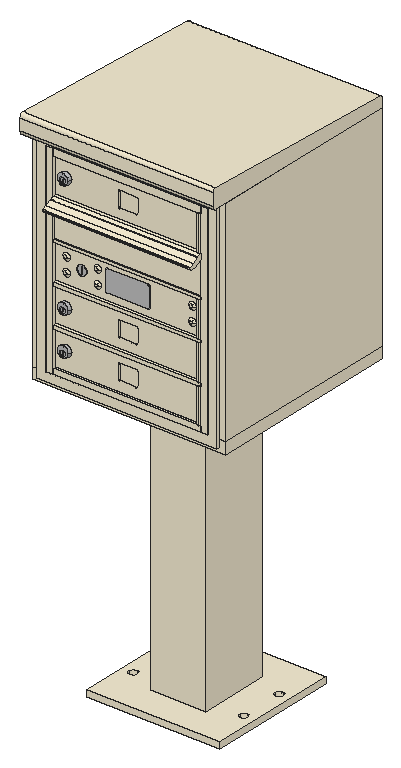
Revit family "Mailboxes_4C-Salsbury_Industries-Pedestal_Mounted-5_Door_High_Units", category Specialty Equipment, Revit 2016
Family settings
  Part Type = Normal
  Round Connector Dimension = Use Diameter
  OmniClass Number = 23.40.90.14.11
  OmniClass Title = Mail Boxes
  Work Plane-Based = No
  Always vertical = Yes
  Cut with Voids When Loaded = No
  Shared = No
  Room Calculation Point = No
Parameters (values of type "3405S-03")
  Width = 17.496"
  Visible Door Number [instance] = yes
  Version = "1.0 (06/30/17)"
  URL = "www.mailboxes.com"
  Type Comments = "Pedestal Mounted 4C Horizontal Mailboxes - Front Loading"
  OmniClass 23 Title = "Mail Boxes"
  OmniClass 23 Number = "23.40.90.14.11"
  Model = "3405S-03"
  MasterFormat Title = "Postal Specialties"
  MasterFormat Number = "10 55 00"
  Manufacturer = "Salsbury Industries"
  Lock Material = Stainless Steel - Salsbury Finish -  Polished
  Height = 48.125"
  Front Panel Material [instance] = Paint - Salsbury Finish - Sandstone
  Pedestal Height = 26.000"
  Door Slot R5 Number [instance] = "3"
  Door Slot R4 Number [instance] = "2"
  Door Slot R3 Number [instance] = "0"
  Door Slot R2 Number [instance] = "0"
  Door Slot R1 Number [instance] = "1"
  Door Slot L5 Number [instance] = "0"
  Door Slot L4 Number [instance] = "0"
  Door Slot L3 Number [instance] = "0"
  Door Slot L2 Number [instance] = "0"
  Door Slot L1 Number [instance] = "0"
  Description = "5 Door High Unit:  3 MB1, OM2"
  Depth = 19.000"
  Assembly Description = "Mailboxes"
  Assembly Code = "C1030910"
  4C Unit Height = 20.000"
  4C Unit Elevation = 26.375"
  4C Unit = Mailboxes_4C-Salsbury_Industries-Front_Load-5_Door_High_Units : 3705S-03 FL
Reference planes (in)
  plane 1 "Center (Front/Back)": y = 0
  plane 2 "Bottom of Unit": z = 0
  plane 3 "Center (Left/Right)": x = 0
  plane 4 "Left Side of Unit": x = 8.748
  plane 5 "Right Side of Unit": x = -8.748
  plane 6 "Front of Unit": y = -9.5
  plane 7 "Back of Unit": y = 9.5
  plane 8: z = 24.0625
  plane 9 "Top of Unit": z = 48.125
  plane 10 "Top Trim Line of Enclosure": z = 46.375
  plane 11 "Left Trim Line of Enclosure": x = 7.6855
  plane 12 "Right Trim Line of Enclosure": x = -7.685
  plane 13 "Top Back Line of Unit": z = 47.375
  plane 14 "Top of Pedestal, Bottom of Enclosure": z = 26
  plane 15 "Alignment of 4C Unit": y = -8.125
  plane 16: x = -8.667
  plane 17: x = 8.667
  plane 18: y = 9.419
  plane 19: y = -8.044
  plane 20: x = -8.667
  plane 21: x = 8.667
  plane 22: y = -8.044
  plane 23: y = 9.419
  plane 24: x = -8.667
  plane 25: x = 8.667
  plane 26: y = 9.419
  plane 27: y = -8.044
  plane 28 "Bottom Trim Line of 4C Unit": z = 26.375
  plane 29 "4C Unit Side Alignment": x = -8.17183
  plane 30 "Top Pedestal Base-Bottom Side": z = 25.5
  plane 31 "Bottom Line of Enclosure Opening": z = 27
  plane 32: z = 26.081
  plane 33 "Bottom Pedestal Base-Top Side": z = 0.5
  plane 34 "Pedestal Support - Left Side": x = -2.50001
  plane 35 "Pedestal Support - Right Side": x = 2.50001
  plane 36 "Back of Pedestal Base": y = 6.625
  plane 37 "Front of Pedestal Base": y = -5.375
  plane 38 "Pedestal Support - Back": y = 3.812
  plane 39 "Pedestal Support - Front": y = -2.563
  plane 40 "Left Side of Pedestal Base": x = -6
  plane 41 "Right Side of Pedestal Base": x = 6
  plane 42: y = 2.625
  plane 43: y = -1.375
  plane 44: x = -5
  plane 45: x = 5
Forms (in)
  Extrusion 1, solid, material "Paint - Salsbury Finish - Sandstone" <- "Front Panel Material"
    sketch origin (0, 0, 1.5) x (0, 1, 0) y (-1, 0, 0)
      loop
        line (-8.125, 7.685) -> (-8.044, 7.685) -> (-8.044, 8.667) -> (9.419, 8.667) -> (9.419, -8.667) -> (-8.044, -8.667) -> (-8.044, -7.6855) -> (-8.125, -7.6855) -> (-8.125, -8.748) -> (9.5, -8.748) -> (9.5, 8.748) -> (-8.125, 8.748) -> (-8.125, 7.685)
    from 25.5 to 44.875
  Extrusion 2, solid, material "Paint - Salsbury Finish - Sandstone" <- "Front Panel Material"
    sketch origin (0, 0, 26) x (0, 1, 0) y (-1, 0, 0)
      loop
        line (9.5, 8.748) -> (-8.125, 8.748) -> (-8.125, -8.748) -> (9.5, -8.748) -> (9.5, 8.748)
      loop
        line (9.419, 8.667) -> (-8.044, 8.667) -> (-8.044, -8.667) -> (9.419, -8.667) -> (9.419, 8.667)
    from 0 to 1
  Extrusion 3, solid, material "Paint - Salsbury Finish - Sandstone" <- "Front Panel Material"
    sketch origin (0, 0, 26) x (0, 1, 0) y (-1, 0, 0)
      loop
        line (9.419, 8.667) -> (-8.044, 8.667) -> (-8.044, -8.667) -> (9.419, -8.667) -> (9.419, 8.667)
    from 0 to 0.081
  Extrusion 4, solid, material "Paint - Salsbury Finish - Sandstone" <- "Front Panel Material"
    sketch origin (0, 0, 0) x (0, 1, 0) y (0, 0, 1)
      loop
        line (-9.18965, 46.375) -> (9.5, 46.375) -> (9.5, 47.26571)
        arc (9.5, 47.26571) -> (9.47754, 47.33373) -> (9.419, 47.375) r 0.11423
        line (9.419, 47.375) -> (-9.184, 48.125)
        arc (-9.184, 48.125) -> (-9.40731, 48.03386) -> (-9.5, 47.81119) r 0.31382
        line (-9.5, 47.81119) -> (-9.5, 46.68535)
        arc (-9.5, 46.68535) -> (-9.4091, 46.4659) -> (-9.18965, 46.375) r 0.31035
    from -8.748 to 8.748
  Extrusion 5, solid, material "Paint - Salsbury Finish - Sandstone" <- "Front Panel Material"
    sketch origin (0, 0, 0) x (1, 0, 0) y (0, 1, 0)
      loop
        line (-6, 6.625) -> (-6, -5.375) -> (6, -5.375) -> (6, 6.625) -> (-6, 6.625)
    from 0 to 0.5
  Extrusion 6, solid, material "Paint - Salsbury Finish - Sandstone" <- "Front Panel Material"
    sketch origin (0, 0, 25.5) x (0, -1, 0) y (1, 0, 0)
      loop
        line (-6.625, -6) -> (5.375, -6) -> (5.375, 6) -> (-6.625, 6) -> (-6.625, -6)
    from 0 to 0.5
  Extrusion 7, solid, material "Paint - Salsbury Finish - Sandstone" <- "Front Panel Material"
    sketch origin (0, 0, 0.5) x (0, -1, 0) y (1, 0, 0)
      loop
        line (-3.812, -2.50001) -> (2.563, -2.50001) -> (2.563, 2.50001) -> (-3.812, 2.50001) -> (-3.812, -2.50001)
    from 0 to 25
  Extrusion 8, void
    sketch origin (0, 0, 0) x (1, 0, 0) y (0, 1, 0)
      loop
        circle (-5, 2.625) r 0.375
      loop
        circle (-5, -1.375) r 0.375
      loop
        circle (5, 2.625) r 0.375
      loop
        circle (5, -1.375) r 0.375
    from 0 to 0.5
  Extrusion 9, void
    sketch origin (0, 0, 25.5) x (0, -1, 0) y (1, 0, 0)
      loop
        circle (-2.625, -5) r 0.375
      loop
        circle (1.375, -5) r 0.375
      loop
        circle (-2.625, 5) r 0.375
      loop
        circle (1.375, 5) r 0.375
    from 0 to 0.5
Cuts and joins
  Extrusion 8 cuts Extrusion 5
  Extrusion 9 cuts Extrusion 3
  Extrusion 9 cuts Extrusion 6
Lines and regions (in)
  symbolic lines
    curve 1: line (-8.748, 9.5, 0) -> (8.748, 9.5, 0)
    curve 2: line (-8.748, -8.125, 0) -> (-8.748, 9.5, 0)
    curve 3: line (8.748, -8.125, 0) -> (-8.748, -8.125, 0)
    curve 4: line (8.748, 9.5, 0) -> (8.748, -8.125, 0)
    curve 5: line (-8.748, 0, 48.125) -> (8.748, 0, 48.125)
    curve 6: line (-8.748, 0, 26) -> (-8.748, 0, 48.125)
    curve 7: line (8.748, 0, 26) -> (-8.748, 0, 26)
    curve 8: line (8.748, 0, 48.125) -> (8.748, 0, 26)
    curve 9: line (-8.748, 0, 46.375) -> (8.748, 0, 46.375)
    curve 10: line (-7.685, 0, 27) -> (-7.685, 0, 46.375)
    curve 11: line (7.6855, 0, 27) -> (7.6855, 0, 46.375)
    curve 12: line (0, -8.125, 46.37573) -> (0, 9.5, 46.37573)
    curve 13: line (0, -8.125, 26) -> (0, -8.125, 46.37573)
    curve 14: line (0, 6.625, 0) -> (0, -5.375, 0)
    curve 15: line (0, 9.5, 46.37573) -> (0, 9.5, 26)
    curve 16: line (0, -8.125, 27) -> (0, 9.5, 27)
    curve 17: line (0, 9.5, 47.26571) -> (0, 9.5, 46.37573)
    curve 18: line (0, 9.5, 46.37573) -> (0, -9.19074, 46.37573)
    curve 19: line (0, -9.5, 46.68499) -> (0, -9.5, 47.81031)
    curve 20: arc (0, -9.19074, 46.37573) -> (0, -9.40942, 46.46631) -> (0, -9.5, 46.68499) r 0.30926
    curve 21: arc (0, -9.5, 47.81031) -> (0, -9.40736, 48.03396) -> (0, -9.18371, 48.1266) r 0.31629
    curve 22: arc (0, 9.5, 47.26571) -> (0, 9.47754, 47.33373) -> (0, 9.419, 47.375) r 0.11423
    curve 23: line (0, 9.419, 47.375) -> (0, -9.18371, 48.1266)
    curve 24: line (-8.748, 0, 27) -> (8.748, 0, 27)
    curve 25: line (-6, 0, 26) -> (-6, 0, 25.5)
    curve 26: line (-6, 0, 25.5) -> (6, 0, 25.5)
    curve 27: line (6, 0, 25.5) -> (6, 0, 26)
    curve 28: line (-6, 0, 0.5) -> (6, 0, 0.5)
    curve 29: line (-6, 0, 0) -> (-6, 0, 0.5)
    curve 30: line (6, 0, 0) -> (-6, 0, 0)
    curve 31: line (6, 0, 0.5) -> (6, 0, 0)
    curve 32: line (-2.50001, 0, 0.5) -> (-2.50001, 0, 25.5)
    curve 33: line (2.50001, 0, 0.5) -> (2.50001, 0, 25.5)
    curve 34: line (0, -8.125, 26) -> (0, 9.5, 26)
    curve 35: line (0, -5.375, 26) -> (0, -5.375, 25.5)
    curve 36: line (0, -5.375, 25.5) -> (0, 6.625, 25.5)
    curve 37: line (0, 6.625, 25.5) -> (0, 6.625, 26)
    curve 38: line (0, 6.625, 0) -> (0, 6.625, 0.5)
    curve 39: line (0, 6.625, 0.5) -> (0, -5.375, 0.5)
    curve 40: line (0, -5.375, 0.5) -> (0, -5.375, 0)
    curve 41: line (0, -2.563, 0.5) -> (0, -2.563, 25.5)
    curve 42: line (0, 3.812, 0.5) -> (0, 3.812, 25.5)
Dimensions and locks (in)
  equal spacing: plane 6 "Front of Unit", plane 1 "Center (Front/Back)", plane 7 "Back of Unit"
  "Depth": plane 6 "Front of Unit" to plane 7 "Back of Unit"
  equal spacing: plane 5 "Right Side of Unit", plane 3 "Center (Left/Right)", plane 4 "Left Side of Unit"
  "Width": plane 5 "Right Side of Unit" to plane 4 "Left Side of Unit"
  equal spacing: plane 2 "Bottom of Unit", plane 8, plane 9 "Top of Unit"
  plane 2 "Bottom of Unit" to plane 9 "Top of Unit" = 48.125"
  "Pedestal Height": plane 2 "Bottom of Unit" to plane 14 "Top of Pedestal, Bottom of Enclosure"
  locked: plane 5 "Right Side of Unit" to plane 12 "Right Trim Line of Enclosure" at 1.063
  locked: plane 11 "Left Trim Line of Enclosure" to plane 4 "Left Side of Unit" at 1.0625
  plane 10 "Top Trim Line of Enclosure" to plane 13 "Top Back Line of Unit" to plane 9 "Top of Unit" = 1.000", 0.750"
  plane 6 "Front of Unit" to plane 15 "Alignment of 4C Unit" = 1.375"
  plane 10 "Top Trim Line of Enclosure" to plane 9 "Top of Unit" = 1.750"
  plane 5 "Right Side of Unit" to plane 16 = 0.081"
  plane 18 to plane 7 "Back of Unit" = 0.081"
  plane 17 to plane 4 "Left Side of Unit" = 0.081"
  plane 15 "Alignment of 4C Unit" to plane 19 = 0.081"
  plane 23 to plane 7 "Back of Unit" = 0.081"
  plane 5 "Right Side of Unit" to plane 20 = 0.081"
  plane 21 to plane 4 "Left Side of Unit" = 0.081"
  plane 15 "Alignment of 4C Unit" to plane 22 = 0.081"
  plane 15 "Alignment of 4C Unit" to plane 27 = 0.081"
  plane 25 to plane 4 "Left Side of Unit" = 0.081"
  plane 5 "Right Side of Unit" to plane 24 = 0.081"
  plane 26 to plane 7 "Back of Unit" = 0.081"
  plane 29 "4C Unit Side Alignment" to plane 12 "Right Trim Line of Enclosure" = 0.48683"
  "Height": plane 9 "Top of Unit" to plane 2 "Bottom of Unit"
  "4C Unit Height": plane 10 "Top Trim Line of Enclosure" to plane 28 "Bottom Trim Line of 4C Unit"
  plane 31 "Bottom Line of Enclosure Opening" to plane 14 "Top of Pedestal, Bottom of Enclosure" to plane 30 "Top Pedestal Base-Bottom Side" = 1.000", 0.500"
  locked: plane 32 to plane 14 "Top of Pedestal, Bottom of Enclosure" at 0.081
  plane 33 "Bottom Pedestal Base-Top Side" to plane 2 "Bottom of Unit" = 0.500"
  equal spacing: plane 34 "Pedestal Support - Left Side", plane 3 "Center (Left/Right)", plane 35 "Pedestal Support - Right Side"
  plane 34 "Pedestal Support - Left Side" to plane 35 "Pedestal Support - Right Side" = 5.00002"
  plane 37 "Front of Pedestal Base" to plane 1 "Center (Front/Back)" to plane 36 "Back of Pedestal Base" = 5.375", 6.625"
  plane 40 "Left Side of Pedestal Base" to plane 3 "Center (Left/Right)" to plane 41 "Right Side of Pedestal Base" = 6.000", 6.000"
  plane 39 "Pedestal Support - Front" to plane 1 "Center (Front/Back)" to plane 38 "Pedestal Support - Back" = 2.563", 3.812"
  plane 45 to plane 41 "Right Side of Pedestal Base" = 1.000"
  plane 40 "Left Side of Pedestal Base" to plane 44 = 1.000"
  plane 42 to plane 36 "Back of Pedestal Base" = 4.000"
  plane 37 "Front of Pedestal Base" to plane 43 = 4.000"
  aligned and locked: level to plane 2 "Bottom of Unit"
  aligned and locked: Extrusion 1 to plane 10 "Top Trim Line of Enclosure"
  aligned and locked: Extrusion 2 sketch curve to Extrusion 1  (x4)
  aligned and locked: Extrusion 3 sketch curve to Extrusion 1  (x3)
  aligned and locked: Extrusion 4 to plane 4 "Left Side of Unit"
  aligned and locked: plane 5 "Right Side of Unit" to Extrusion 4
  aligned and locked: plane 12 "Right Trim Line of Enclosure" to Extrusion 1 sketch curve
  aligned and locked: Extrusion 1 sketch curve to plane 19
  aligned and locked: Extrusion 1 sketch curve to plane 15 "Alignment of 4C Unit"  (x2)
  aligned and locked: Extrusion 1 sketch curve to plane 5 "Right Side of Unit"
  aligned and locked: plane 16 to Extrusion 1 sketch curve
  aligned and locked: Extrusion 1 sketch curve to plane 18
  aligned and locked: plane 7 "Back of Unit" to Extrusion 1 sketch curve
  aligned and locked: plane 4 "Left Side of Unit" to Extrusion 1 sketch curve
  aligned and locked: Extrusion 1 sketch curve to plane 17
  aligned and locked: plane 19 to Extrusion 1 sketch curve
  aligned and locked: plane 11 "Left Trim Line of Enclosure" to Extrusion 1 sketch curve
  aligned and locked: plane 6 "Front of Unit" to Extrusion 4 sketch curve  (x2)
  aligned and locked: plane 10 "Top Trim Line of Enclosure" to Extrusion 4 sketch curve
  aligned and locked: Extrusion 4 sketch curve to plane 7 "Back of Unit"
  aligned and locked: plane 7 "Back of Unit" to Extrusion 4 sketch curve
  aligned and locked: plane 13 "Top Back Line of Unit" to Extrusion 4 sketch curve
  aligned and locked: plane 9 "Top of Unit" to Extrusion 4 sketch curve
  aligned and locked: plane 21 to Extrusion 2 sketch curve
  aligned and locked: Extrusion 2 sketch curve to plane 20
  aligned and locked: plane 23 to Extrusion 2 sketch curve
  aligned and locked: curve 1 to Extrusion 1
  aligned and locked: curve 2 to Extrusion 1
  aligned and locked: curve 3 to Extrusion 2
  aligned and locked: curve 4 to Extrusion 1
  aligned and locked: curve 6 to Extrusion 4
  aligned and locked: curve 7 to Extrusion 2
  aligned and locked: plane 9 "Top of Unit" to curve 5
  aligned and locked: curve 9 to Extrusion 1
  aligned and locked: plane 5 "Right Side of Unit" to curve 9
  aligned and locked: plane 4 "Left Side of Unit" to curve 9
  aligned and locked: Extrusion 1 to curve 10
  aligned and locked: curve 11 to Extrusion 1
  aligned and locked: plane 10 "Top Trim Line of Enclosure" to curve 11
  aligned and locked: plane 7 "Back of Unit" to curve 15
  aligned and locked: plane 2 "Bottom of Unit" to curve 14
  aligned and locked: plane 10 "Top Trim Line of Enclosure" to Extrusion 4
  aligned and locked: plane 15 "Alignment of 4C Unit" to Extrusion 1
  aligned and locked: Extrusion 1 to curve 16
  aligned and locked: plane 7 "Back of Unit" to curve 16
  aligned and locked: plane 15 "Alignment of 4C Unit" to curve 16
  aligned and locked: curve 17 to Extrusion 4
  aligned and locked: curve 18 to curve 12
  aligned and locked: curve 19 to Extrusion 4
  aligned and locked: Extrusion 2 to plane 31 "Bottom Line of Enclosure Opening"
  aligned and locked: Extrusion 1 to Extrusion 2
  aligned and locked: plane 14 "Top of Pedestal, Bottom of Enclosure" to Extrusion 3
  aligned and locked: Extrusion 3 to plane 32
  aligned and locked: plane 36 "Back of Pedestal Base" to Extrusion 5 sketch curve
  aligned and locked: Extrusion 5 sketch curve to plane 40 "Left Side of Pedestal Base"
  aligned and locked: Extrusion 5 sketch curve to plane 37 "Front of Pedestal Base"
  aligned and locked: plane 41 "Right Side of Pedestal Base" to Extrusion 5 sketch curve
  aligned and locked: Extrusion 5 to plane 33 "Bottom Pedestal Base-Top Side"
  aligned and locked: Extrusion 6 sketch curve to plane 36 "Back of Pedestal Base"
  aligned and locked: plane 40 "Left Side of Pedestal Base" to Extrusion 6 sketch curve
  aligned and locked: plane 37 "Front of Pedestal Base" to Extrusion 6 sketch curve
  aligned and locked: Extrusion 6 sketch curve to plane 41 "Right Side of Pedestal Base"
  aligned and locked: Extrusion 6 to plane 14 "Top of Pedestal, Bottom of Enclosure"
  aligned and locked: plane 30 "Top Pedestal Base-Bottom Side" to Extrusion 6
  aligned and locked: Extrusion 5 to level
  aligned and locked: Extrusion 7 sketch curve to plane 38 "Pedestal Support - Back"
  aligned and locked: plane 34 "Pedestal Support - Left Side" to Extrusion 7 sketch curve
  aligned and locked: plane 39 "Pedestal Support - Front" to Extrusion 7 sketch curve
  aligned and locked: Extrusion 7 sketch curve to plane 35 "Pedestal Support - Right Side"
  aligned and locked: Extrusion 7 to plane 30 "Top Pedestal Base-Bottom Side"
  aligned and locked: plane 33 "Bottom Pedestal Base-Top Side" to Extrusion 7
  aligned and locked: Extrusion 8 to plane 33 "Bottom Pedestal Base-Top Side"
  aligned and locked: Extrusion 8 to level
  aligned and locked: Extrusion 9 to plane 14 "Top of Pedestal, Bottom of Enclosure"
  aligned and locked: plane 30 "Top Pedestal Base-Bottom Side" to Extrusion 9
  aligned and locked: plane 31 "Bottom Line of Enclosure Opening" to curve 24
  aligned and locked: plane 31 "Bottom Line of Enclosure Opening" to curve 11
  aligned and locked: curve 25 to cut or joined group of Extrusion 6, Extrusion 9
  aligned and locked: curve 26 to cut or joined group of Extrusion 6, Extrusion 9
  aligned and locked: curve 27 to cut or joined group of Extrusion 6, Extrusion 9
  aligned and locked: curve 28 to cut or joined group of Extrusion 5, Extrusion 8
  aligned and locked: curve 29 to cut or joined group of Extrusion 5, Extrusion 8
  aligned and locked: curve 30 to cut or joined group of Extrusion 5, Extrusion 8
  aligned and locked: curve 31 to cut or joined group of Extrusion 5, Extrusion 8
  aligned and locked: curve 13 to Extrusion 2
  aligned and locked: curve 34 to Extrusion 2
  aligned and locked: curve 35 to cut or joined group of Extrusion 6, Extrusion 9
  aligned and locked: curve 36 to cut or joined group of Extrusion 6, Extrusion 9
  aligned and locked: curve 37 to cut or joined group of Extrusion 6, Extrusion 9
  aligned and locked: curve 38 to cut or joined group of Extrusion 5, Extrusion 8
  aligned and locked: curve 39 to cut or joined group of Extrusion 5, Extrusion 8
  aligned and locked: curve 40 to cut or joined group of Extrusion 5, Extrusion 8
  aligned and locked: curve 33 to Extrusion 7
  aligned and locked: plane 29 "4C Unit Side Alignment" to nested 1
Automatic sketch dimensions
  Extrusion 4 sketch curve to plane 26 = 0.000"
  Extrusion 4 sketch curve to plane 6 "Front of Unit" = 0.31035"
  Extrusion 4 sketch curve to plane 6 "Front of Unit" = 0.31382"
  plane 26 to Extrusion 4 sketch curve = 0.03323"
  Extrusion 4 sketch curve to Extrusion 4 sketch curve = 0.00218"
  plane 22 to Extrusion 2 sketch curve = 0.000"
  plane 27 to Extrusion 3 sketch curve = 0.000"
  plane 43 to Extrusion 8 sketch curve = 0.000"  (x2)
  Extrusion 8 sketch curve to plane 44 = 0.000"  (x2)
  plane 42 to Extrusion 8 sketch curve = 0.000"  (x2)
  Extrusion 8 sketch curve to plane 45 = 0.000"  (x2)
  plane 42 to Extrusion 9 sketch curve = 0.000"  (x2)
  plane 43 to Extrusion 9 sketch curve = 0.000"  (x2)
  Extrusion 9 sketch curve to plane 44 = 0.000"  (x2)
  Extrusion 9 sketch curve to plane 45 = 0.000"  (x2)
  plane 13 "Top Back Line of Unit" to curve 23 = 0.000"
  curve 23 to plane 26 = 0.000"
  curve 20 to plane 6 "Front of Unit" = 0.30926"
  curve 21 to curve 21 = 0.31629"
  plane 26 to curve 22 = 0.03323"
  curve 13 to plane 10 "Top Trim Line of Enclosure" = 0.00073"
  plane 9 "Top of Unit" to curve 19 = 0.31469"
  curve 41 to plane 39 "Pedestal Support - Front" = 0.000"
  curve 42 to plane 38 "Pedestal Support - Back" = 0.000"
  plane 34 "Pedestal Support - Left Side" to curve 32 = 0.000"
  curve 25 to plane 14 "Top of Pedestal, Bottom of Enclosure" = 0.000"
  radius of Extrusion 8 sketch curve = 0.375"  (x4)
  radius of Extrusion 9 sketch curve = 0.375"  (x4)
Nested families (in)
  nested 1: "Mailboxes_4C-Salsbury_Industries-Front_Load-5_Door_High_Units" at (7.377, -8.125, -0.308) x (-1, 0, 0) z (0, 0, 1), built-in parameter 1001360 <- "4C Unit Elevation", type <- "4C Unit", Front Panel Material <- "Front Panel Material", Visible Door Number <- "Visible Door Number", Door Slot L1 Number <- "Door Slot L1 Number", Door Slot L2 Number <- "Door Slot L2 Number", Door Slot L3 Number <- "Door Slot L3 Number", Door Slot L4 Number <- "Door Slot L4 Number", Door Slot L5 Number <- "Door Slot L5 Number", Door Slot R1 Number <- "Door Slot R1 Number", Door Slot R2 Number <- "Door Slot R2 Number", Door Slot R3 Number <- "Door Slot R3 Number", Door Slot R4 Number <- "Door Slot R4 Number", Door Slot R5 Number <- "Door Slot R5 Number", type "3705S-03 FL"
    with Visible Door Number yes, Front Panel Material Paint - Salsbury Finish - Sandstone, Door Slot R5 Number "3", Door Slot R4 Number "2", Door Slot R3 Number "0", Door Slot R2 Number "0", Door Slot R1 Number "1", Door Slot L5 Number "0", Door Slot L4 Number "0", Door Slot L3 Number "0", Door Slot L2 Number "0", Door Slot L1 Number "0", built-in parameter 1001320 48.000"
Definition of nested family "Mailboxes_4C-Salsbury_Industries-Front_Load-5_Door_High_Units"
  Parameters (values of type "3705S-03 FL")
    Width = 16.344"
    URL = "www.mailboxes.com"
    OmniClass 23 Title = "Mail Boxes"
    OmniClass 23 Number = "23.40.90.14.11"
    Visible Door Number [instance] = yes
    Vertical Center Divider = no
    Version = "3.0 (06/30/17)"
    Type Comments = "4C Standard Horizontal Mailbox - Front Loading"
    Top Back Plate = yes
    Right Inside Wall = yes
    Model = "3705S-03 FL"
    MasterFormat Title = "Postal Specialties"
    MasterFormat Number = "10 55 00"
    Manufacturer = "Salsbury Industries"
    Mail Door Symbollic = yes
    Lock Material = none
    Left Inside Wall = yes
    Keynote = ""
    Height = 20.000"
    Front Panel Material [instance] = none
    Door Slot R5 Number [instance] = "3"
    Door Slot R5 = 3700 Series 4C Door Configurations : MB1 Door w/ Divider
    Door Slot R4 Number [instance] = "2"
    Door Slot R4 = 3700 Series 4C Door Configurations : MB1 Door w/ Divider
    Door Slot R3 Number [instance] = "0"
    Door Slot R3 = 3700 Series 4C OM2 Configuration : OM2-FL
    Door Slot R2 Number [instance] = "0"
    Door Slot R2 = 3700 Series 4C Door Configurations : Empty
    Door Slot R1 Number [instance] = "1"
    Door Slot R1 = 3700 Series 4C Door Configurations : MB1 Door
    Door Slot L5 Number [instance] = "0"
    Door Slot L5 = 3700 Series 4C Door Configurations : Empty
    Door Slot L4 Number [instance] = "0"
    Door Slot L4 = 3700 Series 4C Door Configurations : Empty
    Door Slot L3 Number [instance] = "0"
    Door Slot L3 = 3700 Series 4C Door Configurations : Empty
    Door Slot L2 Number [instance] = "0"
    Door Slot L2 = 3700 Series 4C Door Configurations : Empty
    Door Slot L1 Number [instance] = "0"
    Door Slot L1 = 3700 Series 4C Door Configurations : Empty
    Description = "5 Door High Unit:  3 MB1, OM2"
    Depth = 17.025"
    Default Elevation [instance] = 48.000"
    Center Extrusion Offset = 0.000"
    Bottom Back Plate = yes
    Back Enclosure Material = none
    Assembly Description = "Mailboxes"
    Assembly Code = "C1030910"
  Types (7): name | Width | Vertical Center Divider | Model | Mail Door Symbollic | Door Slot R5 Number | Door Slot R5 | Door Slot R4 Number | Door Slot R4 | Door Slot R3 | Door Slot R2 | Door Slot R1 Number | Door Slot R1 | Door Slot L5 Number | Door Slot L5 | Door Slot L4 Number | Door Slot L4 | Door Slot L3 Number | Door Slot L3 | Door Slot L2 Number | Door Slot L2 | Door Slot L1 Number | Door Slot L1 | Description
    3705D-08 FL | 31.09766" | yes | "3705D-08 FL" | yes | "8" | 3700 Series 4C Door Configurations : MB1 Door w/ Divider | "7" | 3700 Series 4C Door Configurations : MB1 Door w/ Divider | 3700 Series 4C OM2 Configuration : OM2-FL | 3700 Series 4C Door Configurations : Empty | "6" | 3700 Series 4C Door Configurations : MB1 Door | "5" | 3700 Series 4C Door Configurations : MB1 Door w/ Divider | "4" | 3700 Series 4C Door Configurations : MB1 Door w/ Divider | "3" | 3700 Series 4C Door Configurations : MB1 Door w/ Divider | "2" | 3700 Series 4C Door Configurations : MB1 Door w/ Divider | "1" | 3700 Series 4C Door Configurations : MB1 Door | "5 Door High Unit:  8 MB1, OM2"
    3705S-03 FL | 16.344" | no | "3705S-03 FL" | yes | "3" | 3700 Series 4C Door Configurations : MB1 Door w/ Divider | "2" | 3700 Series 4C Door Configurations : MB1 Door w/ Divider | 3700 Series 4C OM2 Configuration : OM2-FL | 3700 Series 4C Door Configurations : Empty | "1" | 3700 Series 4C Door Configurations : MB1 Door | "0" | 3700 Series 4C Door Configurations : Empty | "0" | 3700 Series 4C Door Configurations : Empty | "0" | 3700 Series 4C Door Configurations : Empty | "0" | 3700 Series 4C Door Configurations : Empty | "0" | 3700 Series 4C Door Configurations : Empty | "5 Door High Unit:  3 MB1, OM2"
    3705D-07 FL | 31.09766" | yes | "3705D-07 FL" | yes | "7" | 3700 Series 4C Door Configurations : MB1 Door w/ Divider | "0" | 3700 Series 4C OM3 Configuration : OM3-FL | 3700 Series 4C Door Configurations : Empty | 3700 Series 4C Door Configurations : Empty | "6" | 3700 Series 4C Door Configurations : MB1 Door | "5" | 3700 Series 4C Door Configurations : MB1 Door w/ Divider | "4" | 3700 Series 4C Door Configurations : MB1 Door w/ Divider | "3" | 3700 Series 4C Door Configurations : MB1 Door w/ Divider | "2" | 3700 Series 4C Door Configurations : MB1 Door w/ Divider | "1" | 3700 Series 4C Door Configurations : MB1 Door | "5 Door High Unit:  7 MB1, OM3"
    3705D-03 FL | 31.09766" | yes | "3705D-03 FL" | yes | "3" | 3700 Series 4C Door Configurations : MB1 Door w/ Divider | "2" | 3700 Series 4C Door Configurations : MB1 Door w/ Divider | 3700 Series 4C OM2 Configuration : OM2-FL | 3700 Series 4C Door Configurations : Empty | "1" | 3700 Series 4C Door Configurations : MB1 Door | "1P" | 3700 Series 4C Parcel Configurations : PL5 | "0" | 3700 Series 4C Door Configurations : Empty | "0" | 3700 Series 4C Door Configurations : Empty | "0" | 3700 Series 4C Door Configurations : Empty | "0" | 3700 Series 4C Door Configurations : Empty | "5 Door High Unit:  3 MB1, 1 PL5, OM2"
    3705D-01 FL | 31.09766" | yes | "3705D-01 FL" | yes | "1" | 3700 Series 4C Door Configurations : MB3 Door w/ Divider | "0" | 3700 Series 4C Door Configurations : Empty | 3700 Series 4C Door Configurations : Empty | 3700 Series 4C OM2 Configuration : OM2-FL | "0" | 3700 Series 4C Door Configurations : Empty | "1P" | 3700 Series 4C Parcel Configurations : PL5 | "0" | 3700 Series 4C Door Configurations : Empty | "0" | 3700 Series 4C Door Configurations : Empty | "0" | 3700 Series 4C Door Configurations : Empty | "0" | 3700 Series 4C Door Configurations : Empty | "5 Door High Unit:  1 MB3, 1 PL5, OM2"
    3705D-2P FL | 31.09766" | yes | "3705D-2P FL" | no | "2P" | 3700 Series 4C Parcel Configurations : PL5 | "0" | 3700 Series 4C Door Configurations : Empty | 3700 Series 4C Door Configurations : Empty | 3700 Series 4C Door Configurations : Empty | "0" | 3700 Series 4C Door Configurations : Empty | "1P" | 3700 Series 4C Parcel Configurations : PL5 | "0" | 3700 Series 4C Door Configurations : Empty | "0" | 3700 Series 4C Door Configurations : Empty | "0" | 3700 Series 4C Door Configurations : Empty | "0" | 3700 Series 4C Door Configurations : Empty | "5 Door High Unit:  2 PL5"
    3705S-1P FL | 16.344" | no | "3705S-1P FL" | no | "1P" | 3700 Series 4C Parcel Configurations : PL5 | "0" | 3700 Series 4C Door Configurations : Empty | 3700 Series 4C Door Configurations : Empty | 3700 Series 4C Door Configurations : Empty | "0" | 3700 Series 4C Door Configurations : Empty | "0" | 3700 Series 4C Door Configurations : Empty | "0" | 3700 Series 4C Door Configurations : Empty | "0" | 3700 Series 4C Door Configurations : Empty | "0" | 3700 Series 4C Door Configurations : Empty | "0" | 3700 Series 4C Door Configurations : Empty | "5 Door High Unit:  1 PL5"
  Reference planes (in)
    plane 1 "Wall Centerline": y = -3
    plane 2 "Center (Left/Right)": x = 0
    plane 3 "Front": y = 0
    plane 4 "15" AFF": z = 28
    plane 5 "28" AFF": z = 28
    plane 6 "36" AFF": z = 36
    plane 7 "48" AFF": z = 48
    plane 8 "Bottom of Unit": z = 26.683
    plane 9 "Top of Unit": z = 46.683
    plane 10 "Left Side of Unit": x = 15.54883
    plane 11 "Right Side of Unit": x = -0.79517
    plane 12 "28" AFF_Bottom of Unit": z = 26.683
    plane 13 "Top Horiz Trim Align": z = 45.85225
    plane 14 "Bottom Horiz Trim Align": z = 27.515
    plane 15 "Left Trim Align": x = 14.716
    plane 16 "Right Trim Align": x = 0.03766
    plane 17 "Left Door Align": x = 14.06641
    plane 18 "Right Door Align": x = 0.68725
    plane 19 "Top Horiz Door Align": z = 45.26125
    plane 20 "Bottom Horiz Door Align": z = 28
    plane 21 "Front Face of Unit": y = 0.265
    plane 22 "Top Housing Align": z = 46.179
    plane 23 "Top Collar Align": z = 46.031
    plane 24 "Top Box Align": z = 45.676
    plane 25 "Vertical Housing Align": y = -1.205
    plane 26 "Vertical Collar Align": y = -2.205
    plane 27 "Back of Unit": y = -16.76
    plane 28 "Bottom Housing Align": z = 27.187
    plane 29 "Bottom Collar Align": z = 27.335
    plane 30 "Bottom Box Align": z = 27.75
    plane 31 "Door Alignment": y = -0.33191
    plane 32 "Right Housing Align": x = -0.08817
    plane 33 "Right Collar Align": x = 1.34483
    plane 34 "Right Box Side Align": x = 1.67283
    plane 35 "Left Housing Align": x = 14.84183
    plane 36 "Left Collar Align": x = 13.40883
    plane 37 "Left Side Box Align": x = 13.08083
    plane 38 "Top Back Plate Align": z = 44.897
    plane 39 "Bottom Back Plate Align": z = 28.499
    plane 40 "Back": y = -6
    plane 41 "RO Left Side": x = 15.17383
    plane 42 "RO Right Side": x = -0.42017
    plane 43 "RO Bottom": z = 27.058
    plane 44 "RO Top": z = 46.308
    plane 45 "Horiz Centerline": z = 42.04237
    plane 46: z = 27.885
    plane 47: x = 12.99983
    plane 48: x = 12.92758
    plane 49 "Center Extrusion": x = 0
    plane 50 "Center Extrusion Offset": x = 0
    plane 51 "Row 5 Top Align": z = 31.5
    plane 52 "Row 4 Top Align": z = 35
    plane 53 "Row 3 Top Align": z = 38.5
    plane 54 "Row 2 Top Align": z = 42
    plane 55 "Row 16 Top Align-Private": z = 31.5
    plane 56 "Row 15 Top Align-Private": z = 35
    plane 57 "Row 14 Top Align-Private": z = 38.5
    plane 58 "Row 13 Top Align-Private": z = 42
    plane 59 "Row 12 Top Align-Private": z = 45.5
    plane 60 "Row 11 Top Align-Private": z = 49
    plane 61 "Row 10 Top Align-Private": z = 52.25
    plane 62 "Row 9 Top Align-Private": z = 55.75
    plane 63 "Row 8 Top Align-Private": z = 59.25
    plane 64 "Top of Face Gap": z = 61.25
    plane 65 "Top Latch Align": z = 37.376
    plane 66 "Bottom Latch Align": z = 36.05
    plane 67 "Right Latch Align": x = -0.69183
    plane 68 "Left Latch Align": x = 0.69098
    plane 69 "Latch Alignment Edge": x = -0.79517
    plane 70: x = -12.92783
    plane 71: x = -12.99983
    plane 72: y = -16.84203
    plane 73: x = -2
    plane 74: x = -0.7705
    plane 75: x = 0.7705
    plane 76: x = 2
    plane 77: y = -16.67797
    plane 78: x = -0.69098
    plane 79: x = 0.69183
    plane 80: z = 43.397
    plane 81: z = 29.999
    plane 82: z = 45.31729
    plane 83: z = 28.41625
    plane 84: z = 27.446
    plane 85: z = 28.055
    plane 86: y = -6
    plane 87: x = 14.06183
  Forms (in)
    Extrusion 1, solid, material <- "Front Panel Material"
      sketch origin (0, 0, 0) x (1, 0, 0) y (0, 0, 1)
        loop
          line (15.54883, 46.683) -> (-0.79517, 46.683) -> (-0.79517, 26.683) -> (15.54883, 26.683) -> (15.54883, 46.683)
      from -0.265 to 0
    Extrusion 2, void
      sketch origin (0, 0.265, 0.00774) x (0, 0, -1) y (-1, 0, 0)
        loop
          line (-45.84451, -14.716) -> (-27.50726, -14.716) -> (-27.50726, -0.03766) -> (-45.84451, -0.03766) -> (-45.84451, -14.716)
      from -0.265 to 0
    Extrusion 3, solid, material <- "Front Panel Material"
      sketch origin (14.98214, 0.265, -1.67978) x (0, 0, -1) y (-1, 0, 0)
        loop
          line (-47.53203, 14.94448) -> (-47.53203, 14.29489) -> (-29.19478, 14.29489) -> (-29.19478, 14.94448) -> (-47.53203, 14.94448)
      from 0 to -0.265
    Extrusion 4, solid, material <- "Front Panel Material"
      sketch origin (0, 0.265, 0) x (0, 0, -1) y (-1, 0, 0)
        loop
          line (-27.515, -14.06641) -> (-27.515, -0.68725) -> (-28, -0.68725) -> (-28, -14.06641) -> (-27.515, -14.06641)
      from -0.265 to 0
    Extrusion 5, solid, material <- "Front Panel Material"
      sketch origin (0, 0.265, 0) x (0, 0, -1) y (-1, 0, 0)
        loop
          line (-45.85225, -14.716) -> (-27.515, -14.716) -> (-27.515, -14.06641) -> (-45.85225, -14.06641) -> (-45.85225, -14.716)
      from 0 to -0.265
    Extrusion 6, solid, material <- "Front Panel Material"
      sketch origin (0, 0.265, 0) x (0, 0, -1) y (-1, 0, 0)
        loop
          line (-45.85225, -14.06641) -> (-45.26125, -14.06641) -> (-45.26125, -0.68725) -> (-45.85225, -0.68725) -> (-45.85225, -14.06641)
      from -0.265 to 0
    Extrusion 7, solid, material <- "Front Panel Material", visible <- "Vertical Center Divider"
      sketch origin (-0.77934, 0.265, 0) x (0, 0, 1) y (1, 0, 0)
        loop
          line (45.85225, 1.47033) -> (27.515, 1.47033) -> (27.515, 0.08752) -> (45.85225, 0.08752) -> (45.85225, 1.47033)
      from 0 to -1.47
    Extrusion 8, solid
      sketch origin (0, -6, 60) x (0, 0, 1) y (1, 0, 0)
        loop
          line (-60, -60) -> (60, -60) -> (60, 60) -> (-60, 60) -> (-60, -60)
      from 0 to 6
  Cuts and joins
    Extrusion 2 cuts Extrusion 1
  Lines and regions (in)
    model lines
      curve 1: line (15.54883, 0.265, 46.683) -> (14.716, 0.265, 45.85225)
      curve 2: line (-0.79517, 0.265, 46.683) -> (0.03766, 0.265, 45.85225)
      curve 3: line (-0.79517, 0.265, 26.683) -> (0.03766, 0.265, 27.515)
      curve 4: line (15.54883, 0.265, 26.683) -> (14.716, 0.265, 27.515)
    reference lines
      curve 5: line (0.68725, -0.33191, 26.683) -> (0.68725, -0.33191, 46.683)
      curve 6: line (14.06641, -0.33191, 26.683) -> (14.06641, -0.33191, 46.683)
    symbolic lines
      curve 7: line (-0.79517, 0.265, 28) -> (15.54883, 0.265, 28)
      curve 8: line (-0.79517, 0, 28) -> (-0.79517, 0.265, 28)
      curve 9: line (15.54883, 0, 28) -> (-0.79517, 0, 28)
      curve 10: line (15.54883, 0.265, 28) -> (15.54883, 0, 28)
    symbolic lines, visible <- "Mail Door Symbollic"
      curve 11: line (0.68725, 0.265, 28) -> (0.68725, 1.43, 28)
      curve 12: line (0.68725, 1.43, 28) -> (14.06183, 1.43, 28)
      curve 13: line (14.06183, 1.43, 28) -> (14.06183, 0.265, 28)
  Text (in)
    text "Placement Side" at (0, 40.15149, 123.01588), in view "Right"
    text "Placement Side" at (-58.6842, 42.74981, 0), in view "Ref. Level"
    text "Placement Side" at (0, 47.49176, 140.59947), in view "Left"
  Dimensions and locks (in)
    locked: plane 3 "Front" to Extrusion 8
    level to plane 4 "15" AFF" = 28.000"
    locked: level to plane 5 "28" AFF" at 28
    locked: level to plane 6 "36" AFF" at 36
    locked: level to plane 7 "48" AFF" at 48
    plane 8 "Bottom of Unit" to plane 4 "15" AFF" = 1.317"
    "Height": plane 8 "Bottom of Unit" to plane 9 "Top of Unit"
    plane 12 "28" AFF_Bottom of Unit" to plane 5 "28" AFF" = 1.317"
    locked: plane 15 "Left Trim Align" to plane 10 "Left Side of Unit" at 0.83283
    locked: plane 16 "Right Trim Align" to plane 11 "Right Side of Unit" at 0.83283
    locked: plane 13 "Top Horiz Trim Align" to plane 9 "Top of Unit" at 0.83075
    locked: plane 8 "Bottom of Unit" to plane 14 "Bottom Horiz Trim Align" at 0.832
    plane 17 "Left Door Align" to plane 15 "Left Trim Align" = 0.64959"
    locked: plane 18 "Right Door Align" to plane 16 "Right Trim Align" at 0.64959
    locked: plane 19 "Top Horiz Door Align" to plane 13 "Top Horiz Trim Align" at 0.591
    locked: plane 14 "Bottom Horiz Trim Align" to plane 20 "Bottom Horiz Door Align" at 0.485
    plane 20 "Bottom Horiz Door Align" to level = 28.000"
    plane 5 "28" AFF" to level = 28.000"
    plane 6 "36" AFF" to level = 36.000"
    plane 7 "48" AFF" to level = 48.000"
    plane 9 "Top of Unit" to plane 8 "Bottom of Unit" = 20.000"
    plane 21 "Front Face of Unit" to Extrusion 8 = 0.265"
    locked: Extrusion 8 to plane 25 "Vertical Housing Align" at 1.205
    locked: plane 25 "Vertical Housing Align" to plane 26 "Vertical Collar Align" at 1
    plane 25 "Vertical Housing Align" to plane 27 "Back of Unit" = 15.555"
    "Depth": plane 21 "Front Face of Unit" to plane 27 "Back of Unit"
    locked: plane 9 "Top of Unit" to plane 22 "Top Housing Align" at 0.504
    locked: plane 22 "Top Housing Align" to plane 23 "Top Collar Align" at 0.148
    locked: plane 23 "Top Collar Align" to plane 24 "Top Box Align" at 0.355
    locked: plane 28 "Bottom Housing Align" to plane 8 "Bottom of Unit" at 0.504
    locked: plane 29 "Bottom Collar Align" to plane 28 "Bottom Housing Align" at 0.148
    locked: plane 30 "Bottom Box Align" to plane 29 "Bottom Collar Align" at 0.415
    plane 24 "Top Box Align" to plane 30 "Bottom Box Align" = 17.926"  (x2)
    locked: plane 21 "Front Face of Unit" to plane 31 "Door Alignment" at 0.59691
    plane 11 "Right Side of Unit" to plane 32 "Right Housing Align" to plane 33 "Right Collar Align" to plane 34 "Right Box Side Align" = 0.707" locked, 1.433" locked, 0.328" locked
    plane 37 "Left Side Box Align" to plane 36 "Left Collar Align" to plane 35 "Left Housing Align" to plane 10 "Left Side of Unit" = 0.328" locked, 1.433" locked, 0.707" locked
    plane 11 "Right Side of Unit" to plane 32 "Right Housing Align" to plane 33 "Right Collar Align" to plane 34 "Right Box Side Align" = 0.707", 1.433", 0.328"
    plane 37 "Left Side Box Align" to plane 36 "Left Collar Align" to plane 35 "Left Housing Align" to plane 10 "Left Side of Unit" = 0.328", 1.433", 0.707"
    plane 9 "Top of Unit" to plane 24 "Top Box Align" = 1.007"
    plane 30 "Bottom Box Align" to plane 8 "Bottom of Unit" = 1.067"
    locked: plane 24 "Top Box Align" to plane 38 "Top Back Plate Align" at 0.779
    locked: plane 39 "Bottom Back Plate Align" to plane 30 "Bottom Box Align" at 0.749
    locked: plane 41 "RO Left Side" to plane 10 "Left Side of Unit" at 0.375
    locked: plane 42 "RO Right Side" to plane 11 "Right Side of Unit" at 0.375
    locked: plane 8 "Bottom of Unit" to plane 43 "RO Bottom" at 0.375
    locked: plane 44 "RO Top" to plane 9 "Top of Unit" at 0.375
    plane 46 to plane 30 "Bottom Box Align" = 0.135"
    plane 47 to plane 37 "Left Side Box Align" = 0.081"
    plane 48 to plane 47 = 0.07225"
    plane 18 "Right Door Align" to plane 17 "Left Door Align" = 13.37916"
    "Center Extrusion Offset": plane 49 "Center Extrusion" to plane 50 "Center Extrusion Offset"
    plane 20 "Bottom Horiz Door Align" to plane 51 "Row 5 Top Align" to plane 52 "Row 4 Top Align" to plane 53 "Row 3 Top Align" to plane 54 "Row 2 Top Align" = 3.500", 3.500" locked, 3.500" locked, 3.500" locked
    plane 4 "15" AFF" to plane 55 "Row 16 Top Align-Private" = 3.500"
    plane 55 "Row 16 Top Align-Private" to plane 56 "Row 15 Top Align-Private" to plane 57 "Row 14 Top Align-Private" to plane 58 "Row 13 Top Align-Private" to plane 59 "Row 12 Top Align-Private" to plane 60 "Row 11 Top Align-Private" to plane 61 "Row 10 Top Align-Private" to plane 62 "Row 9 Top Align-Private" to plane 63 "Row 8 Top Align-Private" = 3.500" locked, 3.500" locked, 3.500" locked, 3.500" locked, 3.500" locked, 3.250" locked, 3.500" locked, 3.500" locked
    locked: plane 63 "Row 8 Top Align-Private" to plane 64 "Top of Face Gap" at 2
    level to plane 8 "Bottom of Unit" = 26.683"
    locked: plane 67 "Right Latch Align" to plane 68 "Left Latch Align" at 1.38281
    plane 24 "Top Box Align" to plane 65 "Top Latch Align" = 8.300"
    plane 66 "Bottom Latch Align" to plane 30 "Bottom Box Align" = 8.300"
    plane 69 "Latch Alignment Edge" to plane 67 "Right Latch Align" = 0.10334"
    plane 71 to plane 70 to plane 34 "Right Box Side Align" = 0.072", 14.60066"
    plane 72 to plane 27 "Back of Unit" = 0.08203"
    plane 27 "Back of Unit" to plane 77 = 0.08203"
    plane 73 to plane 74 to plane 67 "Right Latch Align" to plane 50 "Center Extrusion Offset" = 1.2295", 0.07867", 0.69183"
    plane 50 "Center Extrusion Offset" to plane 68 "Left Latch Align" to plane 75 to plane 76 = 0.69098", 0.07952", 1.2295"
    plane 78 to plane 49 "Center Extrusion" to plane 79 = 0.69098" locked, 0.69183" locked
    plane 11 "Right Side of Unit" to Extrusion 1 = 16.344"
    plane 38 "Top Back Plate Align" to plane 80 = 1.500"
    plane 81 to plane 39 "Bottom Back Plate Align" = 1.500"
    locked: plane 82 to plane 24 "Top Box Align" at 0.35871
    plane 14 "Bottom Horiz Trim Align" to plane 83 = 0.90125"
    plane 84 to plane 30 "Bottom Box Align" to plane 85 = 0.304" locked, 0.305" locked
    plane 11 "Right Side of Unit" to plane 2 "Center (Left/Right)" to plane 10 "Left Side of Unit" = 0.79517", 15.54883"
    "Width": plane 11 "Right Side of Unit" to plane 10 "Left Side of Unit"
    locked: plane 18 "Right Door Align" to plane 87 at 13.37458
    aligned and locked: plane 8 "Bottom of Unit" to Extrusion 1 sketch curve
    aligned and locked: plane 10 "Left Side of Unit" to Extrusion 1 sketch curve
    aligned and locked: Extrusion 1 sketch curve to plane 11 "Right Side of Unit"
    aligned and locked: Extrusion 1 sketch curve to plane 9 "Top of Unit"
    aligned and locked: plane 21 "Front Face of Unit" to Extrusion 1
    aligned and locked: Extrusion 3 to plane 16 "Right Trim Align"
    aligned and locked: plane 18 "Right Door Align" to Extrusion 3
    aligned and locked: plane 13 "Top Horiz Trim Align" to Extrusion 3
    aligned and locked: Extrusion 4 to plane 14 "Bottom Horiz Trim Align"
    aligned and locked: Extrusion 4 to plane 17 "Left Door Align"
    aligned and locked: plane 20 "Bottom Horiz Door Align" to Extrusion 4
    aligned and locked: Extrusion 4 to plane 18 "Right Door Align"
    aligned and locked: plane 25 "Vertical Housing Align" to Extrusion 7
    aligned and locked: plane 21 "Front Face of Unit" to Extrusion 7
    aligned and locked: nested 1 to plane 54 "Row 2 Top Align"
    aligned and locked: nested 6 to plane 17 "Left Door Align"
    aligned and locked: nested 6 to plane 54 "Row 2 Top Align"
    aligned and locked: plane 31 "Door Alignment" to nested 6  (x2)
    aligned and locked: nested 7 to plane 17 "Left Door Align"
    aligned and locked: nested 7 to plane 53 "Row 3 Top Align"
    aligned and locked: plane 31 "Door Alignment" to nested 7  (x2)
    aligned and locked: nested 5 to curve 5
    aligned and locked: nested 3 to curve 5
    aligned and locked: nested 10 to curve 6
    aligned and locked: nested 9 to curve 6
    aligned and locked: nested 8 to curve 6
    aligned and locked: nested 7 to curve 6
    aligned and locked: nested 6 to curve 6
    aligned and locked: plane 31 "Door Alignment" to nested 5
    aligned and locked: plane 31 "Door Alignment" to nested 3
    aligned and locked: plane 31 "Door Alignment" to nested 8
    aligned and locked: plane 31 "Door Alignment" to nested 10
    aligned and locked: plane 31 "Door Alignment" to nested 2
    aligned and locked: plane 31 "Door Alignment" to nested 4
    aligned and locked: nested 1 to curve 5
    aligned and locked: nested 2 to curve 5
    aligned and locked: nested 4 to curve 5
    aligned and locked: plane 31 "Door Alignment" to nested 1
    aligned and locked: plane 11 "Right Side of Unit" to plane 69 "Latch Alignment Edge"
    aligned and locked: nested 1 to curve 11
    aligned and locked: plane 21 "Front Face of Unit" to cut or joined group of Extrusion 1, Extrusion 2
    aligned and locked: plane 3 "Front" to cut or joined group of Extrusion 1, Extrusion 2
    aligned and locked: plane 13 "Top Horiz Trim Align" to Extrusion 7
    aligned and locked: Extrusion 7 to plane 14 "Bottom Horiz Trim Align"
    aligned and locked: plane 67 "Right Latch Align" to Extrusion 7
    aligned and locked: Extrusion 7 to plane 68 "Left Latch Align"
    aligned and locked: plane 9 "Top of Unit" to curve 5
    aligned and locked: plane 8 "Bottom of Unit" to curve 5
    aligned and locked: plane 8 "Bottom of Unit" to curve 6
    aligned and locked: curve 6 to plane 17 "Left Door Align"
    aligned and locked: plane 10 "Left Side of Unit" to curve 1
    aligned and locked: plane 9 "Top of Unit" to curve 1
    aligned and locked: plane 15 "Left Trim Align" to curve 1
    aligned and locked: plane 13 "Top Horiz Trim Align" to curve 1
    aligned and locked: plane 11 "Right Side of Unit" to curve 2
    aligned and locked: plane 9 "Top of Unit" to curve 2
    aligned and locked: plane 16 "Right Trim Align" to curve 2
    aligned and locked: plane 13 "Top Horiz Trim Align" to curve 2
    aligned and locked: plane 10 "Left Side of Unit" to curve 4
    aligned and locked: plane 8 "Bottom of Unit" to curve 4
    aligned and locked: plane 15 "Left Trim Align" to curve 4
    aligned and locked: plane 14 "Bottom Horiz Trim Align" to curve 4
    aligned and locked: plane 8 "Bottom of Unit" to curve 3
    aligned and locked: plane 11 "Right Side of Unit" to curve 3
    aligned and locked: plane 16 "Right Trim Align" to curve 3
    aligned and locked: plane 14 "Bottom Horiz Trim Align" to curve 3
    aligned and locked: plane 52 "Row 4 Top Align" to nested 3
    aligned and locked: plane 52 "Row 4 Top Align" to nested 8
    aligned and locked: plane 51 "Row 5 Top Align" to nested 4
    aligned and locked: plane 51 "Row 5 Top Align" to nested 9
    aligned and locked: plane 31 "Door Alignment" to nested 9
    aligned and locked: plane 53 "Row 3 Top Align" to nested 2
    aligned and locked: plane 20 "Bottom Horiz Door Align" to nested 5
    aligned and locked: plane 20 "Bottom Horiz Door Align" to nested 10
    aligned and locked: plane 87 to curve 13
  Automatic sketch dimensions
    Extrusion 2 sketch curve to plane 13 "Top Horiz Trim Align" = 0.000"
    Extrusion 2 sketch curve to plane 14 "Bottom Horiz Trim Align" = 0.000"
    plane 15 "Left Trim Align" to Extrusion 2 sketch curve = 0.000"
    Extrusion 2 sketch curve to plane 16 "Right Trim Align" = 0.000"
    Extrusion 3 sketch curve to plane 13 "Top Horiz Trim Align" = 0.000"
    plane 14 "Bottom Horiz Trim Align" to Extrusion 3 sketch curve = 0.000"
    plane 16 "Right Trim Align" to Extrusion 3 sketch curve = 0.000"
    Extrusion 3 sketch curve to plane 18 "Right Door Align" = 0.000"
    plane 13 "Top Horiz Trim Align" to Extrusion 5 sketch curve = 0.000"
    Extrusion 5 sketch curve to plane 14 "Bottom Horiz Trim Align" = 0.000"
    Extrusion 5 sketch curve to plane 15 "Left Trim Align" = 0.000"
    plane 17 "Left Door Align" to Extrusion 5 sketch curve = 0.000"
    plane 13 "Top Horiz Trim Align" to Extrusion 6 sketch curve = 0.000"
    Extrusion 6 sketch curve to plane 17 "Left Door Align" = 0.000"
    Extrusion 6 sketch curve to plane 18 "Right Door Align" = 0.000"
    Extrusion 6 sketch curve to plane 19 "Top Horiz Door Align" = 0.000"
    plane 4 "15" AFF" to Extrusion 4 sketch curve = 0.000"
    Extrusion 4 sketch curve to plane 14 "Bottom Horiz Trim Align" = 0.000"
    Extrusion 4 sketch curve to plane 17 "Left Door Align" = 0.000"
    Extrusion 4 sketch curve to plane 18 "Right Door Align" = 0.000"
    plane 21 "Front Face of Unit" to curve 12 = 1.165"
    curve 9 to Extrusion 8 = 0.000"
    curve 9 to plane 11 "Right Side of Unit" = 0.000"
    curve 7 to plane 21 "Front Face of Unit" = 0.000"
    curve 6 to plane 9 "Top of Unit" = 0.000"
    curve 5 to plane 18 "Right Door Align" = 0.000"
    Extrusion 8 sketch curve to Extrusion 8 sketch curve = 120.000"  (x2)
    Extrusion 7 sketch curve to plane 14 "Bottom Horiz Trim Align" = 0.000"
    Extrusion 7 sketch curve to plane 13 "Top Horiz Trim Align" = 0.000"
    plane 67 "Right Latch Align" to Extrusion 7 sketch curve = 0.000"
    plane 68 "Left Latch Align" to Extrusion 7 sketch curve = 0.000"
    curve 9 to plane 10 "Left Side of Unit" = 0.000"
  Nested families (in)
    nested 1: "3700 Series 4C Door Configurations" at (7.37475, -0.20495, 42) x (-1, 0, 0) z (0, 0, 1), type <- "Door Slot R1", Door Number <- "Door Slot R1 Number", type "MB1 Door"
      with Door Number "1"
    nested 2: "3700 Series 4C Door Configurations" at (7.37475, -0.20495, 38.5) x (-1, 0, 0) z (0, 0, 1), type <- "Door Slot R2", Door Number <- "Door Slot R2 Number", type "Empty"
      with Door Number "0"
    nested 3: "3700 Series 4C OM2 Configuration" at (7.37475, -0.20495, 35) x (-1, 0, 0) z (0, 0, 1), type <- "Door Slot R3", Door Number <- "Door Slot R3 Number", type "OM2-FL"
      with Door Number "0"
    nested 4: "3700 Series 4C Door Configurations" at (7.37475, -0.20495, 31.5) x (-1, 0, 0) z (0, 0, 1), type <- "Door Slot R4", Door Number <- "Door Slot R4 Number", type "MB1 Door w/ Divider"
      with Door Number "2"
    nested 5: "3700 Series 4C Door Configurations" at (7.37475, -0.20495, 28) x (-1, 0, 0) z (0, 0, 1), type <- "Door Slot R5", Door Number <- "Door Slot R5 Number", type "MB1 Door w/ Divider"
      with Door Number "3"
    nested 6: "3700 Series 4C Door Configurations" at (7.37891, -0.20495, 42) x (-1, 0, 0) z (0, 0, 1), type <- "Door Slot L1", Door Number <- "Door Slot L1 Number", type "Empty"
      with Door Number "0"
    nested 7: "3700 Series 4C Door Configurations" at (7.37891, -0.20495, 38.5) x (-1, 0, 0) z (0, 0, 1), type <- "Door Slot L2", Door Number <- "Door Slot L2 Number", type "Empty"
      with Door Number "0"
    nested 8: "3700 Series 4C Door Configurations" at (7.37891, -0.20495, 35) x (-1, 0, 0) z (0, 0, 1), type <- "Door Slot L3", Door Number <- "Door Slot L3 Number", type "Empty"
      with Door Number "0"
    nested 9: "3700 Series 4C Door Configurations" at (7.37891, -0.20495, 31.5) x (-1, 0, 0) z (0, 0, 1), type <- "Door Slot L4", Door Number <- "Door Slot L4 Number", type "Empty"
      with Door Number "0"
    nested 10: "3700 Series 4C Door Configurations" at (7.37891, -0.20495, 28) x (-1, 0, 0) z (0, 0, 1), type <- "Door Slot L5", Door Number <- "Door Slot L5 Number", type "Empty"
      with Door Number "0"
  Definition of nested family "3700 Series 4C Door Configurations"
    Parameters (values of type "MB3 Door")
      Weight = "15 lbs."
      Visible Door Number = yes
      URL = ""
      Model = "3700MB3"
      Manufacturer = "Salsbury Industries"
      Lock Material = none
      Inset Offset = 0.000"
      Front Panel Material = none
      Door Width = 13.375"
      Door Visibility-MB1 = yes
      Door Number [instance] = "101"
      Door Lock = yes
      Door Height = 10.23047"
      Door Divider = no
      Door Depth = 0.25391"
      Description = "MB3 Door for 3700 Series 4C Mailboxes"
      Cost = 0
      Center Lock-Vertical = 0.875"
      Center Lock-Horizontal = 1.61523"
    Types (11): name | Weight | Visible Door Number | Model | Inset Offset | Door Visibility-MB1 | Door Lock | Door Height | Door Divider | Description
      MB1 Door w/ Divider | "5 lbs." | yes | "3700MB1" | 0.000" | yes | yes | 3.23047" | yes | "MB1 Door for 3700 Series 4C Mailboxes"
      MB1 Door | "5 lbs." | yes | "3700MB1" | 0.000" | yes | yes | 3.23047" | no | "MB1 Door for 3700 Series 4C Mailboxes"
      MB2 Door | "10 lbs." | yes | "3700MB2" | 0.000" | yes | yes | 6.73047" | no | "MB2 Door for 3700 Series 4C Mailboxes"
      MB2 Door w/ Divider | "10 lbs." | yes | "3700MB2" | 0.000" | yes | yes | 6.73047" | yes | "MB2 Door for 3700 Series 4C Mailboxes"
      MB3 Door | "15 lbs." | yes | "3700MB3" | 0.000" | yes | yes | 10.23047" | no | "MB3 Door for 3700 Series 4C Mailboxes"
      MB3 Door w/ Divider | "15 lbs." | yes | "3700MB3" | 0.000" | yes | yes | 10.23047" | yes | "MB3 Door for 3700 Series 4C Mailboxes"
      MB4 Door | "20 lbs." | yes | "3700MB4" | 0.000" | yes | yes | 13.73047" | no | "MB4 Door for 3700 Series 4C Mailboxes"
      MB4 Door w/ Divider | "20 lbs." | yes | "3700MB4" | 0.000" | yes | yes | 13.73047" | yes | "MB4 Door for 3700 Series 4C Mailboxes"
      Blank Door | "5 lbs." | no | "3700MB1" | 0.18359" | yes | no | 3.23047" | no | "MB1 Door for 3700 Series 4C Mailboxes"
      Blank Door w/ Divider | "5 lbs." | no | "3700MB1" | 0.18402" | yes | no | 3.23047" | yes | "MB1 Door for 3700 Series 4C Mailboxes"
      Empty | "5 lbs." | no | "Empty MB1" | 0.18359" | no | no | 3.23047" | no | "Empty MB1 Door for 3700 Series 4C Mailboxes"
    Reference planes (in)
      plane 1 "Center (Front/Back)": y = 0
      plane 2 "Bottom of Door": z = 0
      plane 3 "Center (Left/Right)": x = 0
      plane 4 "Left Side Face of Door": x = -6.6875
      plane 5 "Right Side Face of Door": x = 6.6875
      plane 6 "Back Face of Door": y = 0.12695
      plane 7 "Front Face of Door": y = -0.12695
      plane 8: z = 10.23047
      plane 9: z = 5.11523
      plane 10 "Face of Divider": y = -0.46995
      plane 11 "Center Lock Vertical": x = -5.8125
      plane 12 "Center Lock Horizontal": z = 1.61523
      plane 13 "Face of Lock": y = -0.42383
      plane 14 "Divider Height Align": z = 10.50047
      plane 15 "Inset Center": x = -0.0975
      plane 16 "Inset Offset": y = -0.12695
      plane 17: z = 5.49038
      plane 18: z = 4.74072
    Forms (in)
      Extrusion 1, solid, material <- "Front Panel Material", visible <- "Door Visibility-MB1"
        sketch origin (0, 0, 0) x (1, 0, 0) y (0, 1, 0)
          loop
            line (-6.4355, 0.12695) -> (-6.6875, -0.05445) -> (-6.6875, -0.12695) -> (6.05625, -0.12695)
            arc (6.05625, -0.12695) -> (6.19558, -0.17661) -> (6.27209, -0.3032) r 0.22029
            arc (6.27209, -0.3032) -> (6.3553, -0.42132) -> (6.4925, -0.46664) r 0.23034
            arc (6.4925, -0.46664) -> (6.63039, -0.40952) -> (6.6875, -0.27164) r 0.195
            line (6.6875, -0.27164) -> (6.6875, 0.12695) -> (-6.4355, 0.12695)
        from 0 to 10.23047
      Blend 2, solid, material <- "Lock Material", visible <- "Door Lock"
        base sketch origin (0, -0.12695, 0) x (-1, 0, 0) y (0, 0, 1)
          loop
            circle (5.8125, 5.11523) r 0.525
        top sketch origin (0, -0.12695, 0) x (-1, 0, 0) y (0, 0, 1)
          loop
            circle (5.8125, 5.11523) r 0.485
        from 0 to -0.29688
      Extrusion 3, solid, material <- "Front Panel Material", visible <- "Door Divider"
        sketch origin (0, 0, 10.50047) x (-1, 0, 0) y (0, -1, 0)
          loop
            line (6.6875, -0.12695) -> (6.6875, 0.46995) -> (-6.6875, 0.46995) -> (-6.6875, -0.12695) -> (6.6875, -0.12695)
        from -0.27 to 0
      Extrusion 4, void, detail levels fine
        sketch origin (0, -0.42383, 0) x (1, 0, 0) y (0, 0, 1)
          loop
            circle (-5.8125, 4.99523) r 0.285
        from 0 to -0.01562
      Extrusion 5, void, detail levels fine
        sketch origin (0, -0.42383, 0) x (1, 0, 0) y (0, 0, 1)
          loop
            line (-5.84183, 5.12353) -> (-5.84183, 4.82353) -> (-5.78183, 4.82353) -> (-5.78183, 5.12353) -> (-5.84183, 5.12353)
        from 0 to -0.03906
      Extrusion 6, void, detail levels fine
        sketch origin (0, -0.12695, 0) x (0, 0, 1) y (-1, 0, 0)
          loop
            arc (5.86523, 0.8475) -> (5.82862, 0.93589) -> (5.74023, 0.9725) r 0.125
            line (5.74023, 0.9725) -> (4.49023, 0.9725)
            arc (4.49023, 0.9725) -> (4.40185, 0.93589) -> (4.36523, 0.8475) r 0.125
            line (4.36523, 0.8475) -> (4.36523, -0.6525)
            arc (4.36523, -0.6525) -> (4.40185, -0.74089) -> (4.49023, -0.7775) r 0.125
            line (4.49023, -0.7775) -> (5.74023, -0.7775)
            arc (5.74023, -0.7775) -> (5.82862, -0.74089) -> (5.86523, -0.6525) r 0.125
            line (5.86523, -0.6525) -> (5.86523, 0.8475)
        from 0 to -0.03906
    Cuts and joins
      Extrusion 4, Extrusion 5 cuts Blend 2
      Extrusion 6 cuts Extrusion 1
    Lines and regions (in)
      symbolic lines
        curve 1: circle (-5.8125, 0, 5.11523) r 0.53054 normal (0, -1, 0)
    Dimensions and locks (in)
      equal spacing: plane 6 "Back Face of Door", plane 1 "Center (Front/Back)", plane 7 "Front Face of Door"
      "Door Depth": plane 6 "Back Face of Door" to plane 7 "Front Face of Door"
      equal spacing: plane 4 "Left Side Face of Door", plane 3 "Center (Left/Right)", plane 5 "Right Side Face of Door"  (x2)
      "Door Width": plane 4 "Left Side Face of Door" to plane 5 "Right Side Face of Door"
      locked: plane 7 "Front Face of Door" to plane 10 "Face of Divider" at 0.343
      "Center Lock-Vertical": plane 4 "Left Side Face of Door" to plane 11 "Center Lock Vertical"
      "Inset Offset": plane 16 "Inset Offset" to plane 7 "Front Face of Door"
      plane 4 "Left Side Face of Door" to plane 5 "Right Side Face of Door" = 13.375"
      plane 6 "Back Face of Door" to plane 10 "Face of Divider" = 0.59691"
      "Door Height": plane 8 to plane 2 "Bottom of Door"
      equal spacing: plane 8, plane 9, plane 2 "Bottom of Door"
      locked: plane 14 "Divider Height Align" to plane 8 at 0.27
      plane 17 to plane 9 to plane 18 = 0.37515" locked, 0.37452" locked
      aligned and locked: level to plane 2 "Bottom of Door"
      aligned and locked: plane 4 "Left Side Face of Door" to Extrusion 1
      aligned and locked: plane 6 "Back Face of Door" to Extrusion 1
      aligned and locked: plane 7 "Front Face of Door" to Extrusion 1
      aligned and locked: plane 8 to Extrusion 1
      aligned and locked: Extrusion 3 sketch curve to plane 4 "Left Side Face of Door"
      aligned and locked: Extrusion 3 sketch curve to plane 6 "Back Face of Door"
      aligned and locked: plane 5 "Right Side Face of Door" to Extrusion 3 sketch curve
      aligned and locked: Extrusion 3 to plane 8
      aligned and locked: plane 10 "Face of Divider" to Extrusion 3 sketch curve
      aligned and locked: plane 14 "Divider Height Align" to Extrusion 3
      aligned and locked: cut or joined group of Extrusion 1, Extrusion 6 to plane 2 "Bottom of Door"
      aligned and locked: plane 18 to text3d elem
    Automatic sketch dimensions
      Extrusion 1 sketch curve to plane 4 "Left Side Face of Door" = 0.000"
      Extrusion 1 sketch curve to plane 6 "Back Face of Door" = 0.000"
      Extrusion 1 sketch curve to plane 7 "Front Face of Door" = 0.000"
      Extrusion 1 sketch curve to plane 5 "Right Side Face of Door" = 0.000"
      Extrusion 1 sketch curve to plane 4 "Left Side Face of Door" = 0.252"
      plane 5 "Right Side Face of Door" to Extrusion 1 sketch curve = 0.63125"
      Extrusion 1 sketch curve to plane 7 "Front Face of Door" = 0.10935"
      plane 5 "Right Side Face of Door" to Extrusion 1 sketch curve = 0.195"
      Extrusion 1 sketch curve to plane 7 "Front Face of Door" = 0.14468"
